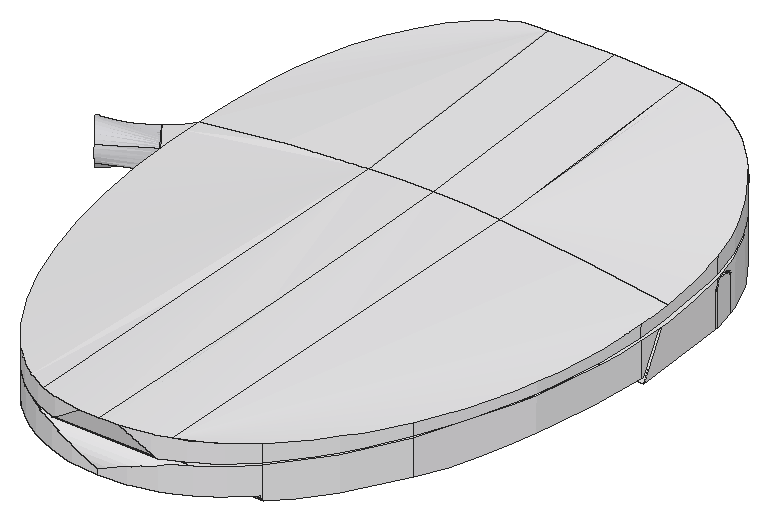
Revit family "Toilet_Seat-Elongated_Closed_Front-Cleansing-KOHLER-C3-035-K-28010K_1", category Plumbing Fixtures, host Face, Revit 2017
Family settings
  Host = Face
  Round Connector Dimension = Use Diameter
  Part Type = Normal
  OmniClass Number = 23.31.19.19.19
  OmniClass Title = Water Closet Tanks
  Cut with Voids When Loaded = No
  Shared = No
  Room Calculation Point = No
Parameters (values of type "0-White")
  Width = 14 1/2"  # constant formula
  WaterSense Certified = 1 = 0  # no
  Waste Connection = 1 = 0  # no
  Vent Connection = 1 = 0  # no
  URL = "https://www.kohlerasiapacific.com/"
  Type = 1
  Product Page URL = ""
  Product Name = "C3-035"  # constant formula
  Product Documentation Link = ""
  Pressure = 0.00 psi
  Model = "K-28010K-0"  # constant formula
  Material = "Plastic"  # constant formula
  Master Format 2014 Name = "Toilet, Bath, and Laundry Accessories"  # constant formula
  Master Format 2014 = "22 42 13.13"  # constant formula
  Manufacturer Address = "No. 158 Jiang Chang San Road, Zhabei District, Shanghai, China"  # constant formula
  Manufacturer = "KOHLER Co."  # constant formula
  Length = 19 15/16"  # constant formula
  Hot Water Inlet = "Hot Water Inlet"  # constant formula
  Height = 3 1/16"  # constant formula
  HW Connection = 1 = 0  # no
  Flow Rate = 0 GPM
  Finish = Kohler-Plastic-0-White
  Environmental Product Declaration = ""
  Description = "MANUAL BIDET SEAT"  # constant formula
  Default Elevation = 15"
  Declare Label = ""
  Date Modified = "12/31/2021"  # constant formula
  Date Created = "12/31/2021"  # constant formula
  Copyright = "Copyright KOHLER Co."  # constant formula
  Contact Us = "https://www.kohlerasiapacific.com/contact-us"
  Cold Water Inlet = "Cold Water Inlet"  # constant formula
  CW Connection = 1 = 1  # yes
  Assembly Code = "D2010100"
  ADA Compliant = 1 = 0  # no
Reference planes (in)
  plane 1 "Center (Front/Back)": y = 0
  plane 2: z = 0
  plane 3 "Center (Left/Right)": x = 0
  plane 4: y = -9.35236
  plane 5: y = 10.58514
  plane 6: x = -7.25
  plane 7: x = 7.25
  plane 8: x = -8.875
  plane 9: z = 3.0625
  plane 10: through (7.25475, 1.48599, 48) normal (-0.3746, -0.9272, 0)
  plane 11: through (-8.57898, 2.22175, 48) normal (-0.9272, 0.3746, 0)
  plane 12: z = 0.69644
  plane 13: y = 7.08901
  plane 14: x = -6.61278
  plane 15: x = -9.75787
  plane 16: x = -2.75
  plane 17: x = 2.75
  plane 18: y = 6.39567
  plane 19: y = 9.34843
  plane 20: y = 0.60827
Forms (in)
  Extrusion 1, void
    sketch origin (0, 0, 0) x (0, 1, 0) y (0, 0, 1)
      loop
        line (6.52264, 0) -> (4.6875, 0) -> (4.6875, -0.8125) -> (6.52264, -0.8125) -> (6.52264, 0)
    from -0.95363 to 0.89194
Dimensions and locks (in)
  "Length": plane 4 to nested 1
  "Height": level to plane 9
  "Width": plane 6 to plane 7
  plane 8 to plane 7 = 16 1/8"
  plane 15 to plane 7 = 17.00787"
  locked: plane 16 to plane 17 at 5.5
  locked: plane 18 to plane 4 at 15.74803
  locked: plane 19 to plane 4 at 18.70079
  plane 20 to plane 4 = 9.96063"
  aligned and locked: plane 2 to host face
  aligned and locked: level to host face
Automatic sketch dimensions
  host sketch curve to host sketch curve = 96"  (x2)
  Extrusion 1 sketch curve to level = 0"
  Extrusion 1 sketch curve to plane 18 = 1.70817"
  plane 18 to Extrusion 1 sketch curve = 0.12697"
  Extrusion 1 sketch curve to level = 13/16"
Nested families (in)
  nested 1: "K-28010K" at (0, 10.58514, 0), type "K-28010K"
Connectors (in)
  piping at (-6.61274, 7.0887, 0.69644), diameter 0.5, driven by "CW Connection", driven by "Cold Water Inlet", driven by "Flow Rate"
    settings: on nested 1, index 1, connector inside diameter 24", connector length 0", flow factor 0, pipe flow 0 GPM, pressure drop 0.00 psi, fitting loss kfactor 0, connector angle 0.00°, fixture units 0, engagement length 0", angle of deflection 0.00°, flow configuration 0, flow direction 1, fitting loss method 0, system type 20, joint type 0, gender type 0, connector reference index -1, connector utility 1, adjustable connector no, is connector primary yes, connector description "Cold Water Inlet"
Definition of nested family "K-28010K"
  Parameters (values of type "K-98804")
    Plastic Handle = yes
    Material = none
    CP Handle = yes
  Reference planes (in)
    plane 1 "Center (Front/Back)": y = 0
    plane 2: z = 0
    plane 3 "Center (Left/Right)": x = 0
    plane 4: z = 3.0625
    plane 5: y = -19.9375
    plane 6: x = -7.25
    plane 7: x = -8.875
    plane 8: x = 7.25
    plane 9 "hose": through (-6.90539, -3.37515, 48) normal (0.9272, -0.3746, 0)
    plane 10 "hose 1": through (-6.90539, -3.37515, 48) normal (0.3746, 0.9272, 0)
    plane 11: y = -1.23671
    plane 12: y = -9.9688
    plane 13: y = -4.18947
    plane 14 "A": through (-8.49595, -6.84941, 48) normal (0.7986, 0.6018, 0)
    plane 15: x = -9.75787
  Forms (in)
    Extrusion 1, solid, material <- "Material", detail levels medium+fine
      sketch origin (0, 0, 0) x (1, 0, 0) y (0, 1, 0)
        loop
          arc (-5.79389, -14.99319) -> (-4.88771, -16.69207) -> (-3.731, -18.23134) r 12.48022
          arc (-3.731, -18.23134) -> (-2.04743, -19.48227) -> (0, -19.9375) r 5.02798
          arc (0, -19.9375) -> (2.04743, -19.48227) -> (3.731, -18.23134) r 5.02798
          arc (3.731, -18.23134) -> (4.88771, -16.69207) -> (5.79389, -14.99319) r 12.48022
          arc (5.79389, -14.99319) -> (6.88207, -11.59136) -> (7.25, -8.03872) r 17.3356
          arc (7.25, -8.03872) -> (7.1668, -6.34672) -> (6.91802, -4.67105) r 17.24708
          arc (6.91802, -4.67105) -> (6.08385, -2.53235) -> (4.56565, -0.81045) r 6.579
          arc (4.56565, -0.81045) -> (3.95093, -0.40445) -> (3.27397, -0.11387) r 4.13855
          arc (3.27397, -0.11387) -> (2.92153, -0.02865) -> (2.56006, 0) r 2.29489
          line (2.56006, 0) -> (-2.76102, 0)
          arc (-2.76102, 0) -> (-2.85653, -0.00562) -> (-2.95072, -0.02241) r 0.81424
          arc (-2.95072, -0.02241) -> (-3.80147, -0.32772) -> (-4.56565, -0.81045) r 4.13855
          arc (-4.56565, -0.81045) -> (-6.08385, -2.53235) -> (-6.91802, -4.67105) r 6.579
          arc (-6.91802, -4.67105) -> (-7.1668, -6.34672) -> (-7.25, -8.03872) r 17.24708
          arc (-7.25, -8.03872) -> (-6.88207, -11.59136) -> (-5.79389, -14.99319) r 17.3356
      from 0 to 3.0625
    Sweep 2, void
      path origin (0, 0, 0) x (1, 0, 0) y (0, 0, 1)
        loop
          arc (-15.60328, 2.60526) -> (-12.05024, 2.0722) -> (-8.4639, 2.28746) r 17.23261
          arc (-8.4639, 2.28746) -> (-5.2738, 2.72995) -> (-2.0647, 3.00245) r 60.64245
          arc (-2.0647, 3.00245) -> (-1.03279, 3.04748) -> (0, 3.0625) r 35.52401
          arc (0, 3.0625) -> (1.03279, 3.04748) -> (2.0647, 3.00245) r 35.52401
          arc (2.0647, 3.00245) -> (5.2738, 2.72995) -> (8.4639, 2.28746) r 60.64245
          arc (8.4639, 2.28746) -> (12.05024, 2.0722) -> (15.60328, 2.60526) r 17.23261
      profile origin (0, 0, 3.0625) x (0, 0, -1) y (0, -1, 0)
        loop
          arc (0.73974, 6.95713) -> (1.08453, 13.44434) -> (1.28845, 19.9375) r 299.30496
          line (1.28845, 19.9375) -> (-2.5, 19.9375) -> (-2.5, 0) -> (0, 0)
          arc (0, 0) -> (0.4429, 3.4708) -> (0.73974, 6.95713) r 83.35618
    Extrusion 3, void
      sketch origin (0, 0, 0) x (0, 1, 0) y (0, 0, 1)
        loop
          line (-18.29047, 0.19685) -> (-19.9375, 0.19685) -> (-19.9375, 0.3811)
          arc (-19.9375, 0.3811) -> (-19.75488, 0.82727) -> (-19.31184, 1.01735) r 0.63634
          line (-19.31184, 1.01735) -> (-9.49904, 1.18204)
          arc (-9.49904, 1.18204) -> (-4.90457, 1.35542) -> (-0.32138, 1.72097) r 109.81346
          arc (-0.32138, 1.72097) -> (0.68732, 1.85769) -> (1.68433, 2.06303) r 14.88604
          line (1.68433, 2.06303) -> (1.76016, 2.13886)
          arc (1.76016, 2.13886) -> (0.69765, 1.87376) -> (-0.38863, 1.73526) r 9.30979
          arc (-0.38863, 1.73526) -> (-10.00827, 1.25081) -> (-19.63902, 1.10623) r 272.82702
          arc (-19.63902, 1.10623) -> (-19.66069, 1.11319) -> (-19.67435, 1.13139) r 0.03752
          line (-19.67435, 1.13139) -> (-19.9375, 1.88531) -> (-22.6875, 1.88531) -> (-22.6875, 0) -> (-18.29047, 0) -> (-18.29047, 0.19685)
      from -17.2144 to 12
    Extrusion 4, void
      sketch origin (0, 0, 0) x (0, 1, 0) y (0, 0, 1)
        loop
          arc (-0.32751, 2.59237) -> (-0.13773, 2.48901) -> (-0.05798, 2.28816) r 0.31768
          line (-0.05798, 2.28816) -> (0, 0.41339) -> (0.75, 0.41339) -> (0.75, 3.07568) -> (-0.39914, 2.78917) -> (-0.32751, 2.59237)
      from -9.6785 to 12
    Extrusion 5, void
      sketch origin (0, 0, 0) x (1, 0, 0) y (0, 0, 1)
        loop
          line (2.75991, 2.60474) -> (2.74502, 1.75188) -> (2.81496, 1.75188) -> (2.81496, 2.80323)
          arc (2.81496, 2.80323) -> (0, 2.86433) -> (-2.81496, 2.80323) r 64.87585
          line (-2.81496, 2.80323) -> (-2.81496, 1.75188) -> (-2.74502, 1.75188) -> (-2.75991, 2.60474) -> (2.75991, 2.60474)
      from -1.06051 to 0.43385
    Extrusion 6, void
      sketch origin (0, 0, 0) x (0, 1, 0) y (0, 0, 1)
        loop
          line (-7.93545, 0) -> (-7.26365, 1.21195) -> (-7.38963, 1.21195) -> (-7.96925, 0.16629) -> (-9.71925, 0.16629)
          arc (-9.71925, 0.16629) -> (-11.00818, 0.14562) -> (-12.29578, 0.08364) r 40.20116
          arc (-12.29578, 0.08364) -> (-15.24824, -0.01967) -> (-18.20171, 0.04928) r 50.66603
          line (-18.20171, 0.04928) -> (-18.34928, 0.19685) -> (-20.2313, 0.19685) -> (-20.2313, -6.30315) -> (4.2687, -6.30315) -> (4.2687, 0) -> (-7.93545, 0)
      from -13.86887 to 12
    Extrusion 7, solid, material <- "Material", detail levels medium+fine
      sketch origin (0, 0, 0) x (1, 0, 0) y (0, 1, 0)
        loop
          arc (-7.65072, -6.03284) -> (-8.05988, -6.45505) -> (-8.49595, -6.84941) r 8.92615
          line (-8.49595, -6.84941) -> (-7.76299, -7.82208)
          arc (-7.76299, -7.82208) -> (-7.62897, -7.74058) -> (-7.48149, -7.68716) r 0.79017
          arc (-7.48149, -7.68716) -> (-7.20425, -7.69764) -> (-6.97678, -7.85647) r 0.49189
          line (-6.97678, -7.85647) -> (-6.82567, -4.97295)
          arc (-6.82567, -4.97295) -> (-7.21823, -5.51844) -> (-7.65072, -6.03284) r 8.92615
      from 0 to 1.45961
    Extrusion 8, void
      sketch origin (-4.76407, 1.92481, 0) x (0.374607, 0.927184, 0) y (0, 0, 1)
        loop
          line (-5.69732, 1.21379) -> (-5.74829, 1.21379)
          arc (-5.74829, 1.21379) -> (-5.94169, 1.08142) -> (-6.15375, 0.98167) r 1.46141
          line (-6.15375, 0.98167) -> (-6.17912, 0.93946)
          arc (-6.17912, 0.93946) -> (-6.16186, 0.7012) -> (-6.17912, 0.46294) r 1.65396
          line (-6.17912, 0.46294) -> (-6.16051, 0.42938)
          arc (-6.16051, 0.42938) -> (-5.95595, 0.30456) -> (-5.74542, 0.19012) r 4.79853
          line (-5.74542, 0.19012) -> (-5.7002, 0.19012)
          arc (-5.7002, 0.19012) -> (-5.48966, 0.30456) -> (-5.2851, 0.42938) r 4.79853
          line (-5.2851, 0.42938) -> (-5.2665, 0.46294)
          arc (-5.2665, 0.46294) -> (-5.28375, 0.7012) -> (-5.2665, 0.93946) r 1.65396
          line (-5.2665, 0.93946) -> (-5.29186, 0.98167)
          arc (-5.29186, 0.98167) -> (-5.50393, 1.08142) -> (-5.69732, 1.21379) r 1.46141
        loop
          circle (-5.70001, 0.68575) r 0.82046
      from 0 to 1.06206
    Revolve 9, solid, material <- "Material", detail levels medium+fine
      sketch origin (0.04323, -0.02051, 0.69644) x (1, 0, 0) y (0, 1, 0)
        loop
          line (-7.0455, -3.72193) -> (-7.11312, -3.88929) -> (-6.18594, -4.26389) -> (-5.97821, -3.74976) -> (-6.30673, -3.61702) -> (-6.44684, -3.96381) -> (-7.0455, -3.72193)
        axis (-6.90539, -3.37515) -> (-5.97821, -3.74976)
      angle from 0 to 360
    Extrusion 10, solid, material <- "Material", detail levels medium+fine
      sketch origin (0, 0, 0) x (1, 0, 0) y (0, 1, 0)
        loop
          arc (-3.53696, -15.25762) -> (-3.5265, -15.23642) -> (-3.53112, -15.21323) r 0.03678
          line (-3.53112, -15.21323) -> (-3.6169, -15.06464)
          arc (-3.6169, -15.06464) -> (-3.64016, -15.04727) -> (-3.66878, -15.05219) r 0.03678
          line (-3.66878, -15.05219) -> (-4.73046, -15.74165)
          arc (-4.73046, -15.74165) -> (-4.74578, -15.76236) -> (-4.74376, -15.78804) r 0.03678
          line (-4.74376, -15.78804) -> (-4.55086, -16.20171)
          arc (-4.55086, -16.20171) -> (-4.52391, -16.22239) -> (-4.49152, -16.21218) r 0.03678
          line (-4.49152, -16.21218) -> (-3.53696, -15.25762)
        loop
          arc (5.1499, -9.49709) -> (5.13024, -9.51023) -> (5.12264, -9.53262) r 0.03678
          line (5.12264, -9.53262) -> (5.12264, -9.70418)
          arc (5.12264, -9.70418) -> (5.13411, -9.73086) -> (5.16135, -9.74091) r 0.03678
          line (5.16135, -9.74091) -> (6.42551, -9.67466)
          arc (6.42551, -9.67466) -> (6.44914, -9.66439) -> (6.46023, -9.64114) r 0.03678
          line (6.46023, -9.64114) -> (6.50001, -9.18643)
          arc (6.50001, -9.18643) -> (6.48701, -9.15505) -> (6.45385, -9.1477) r 0.03678
          line (6.45385, -9.1477) -> (5.1499, -9.49709)
        loop
          line (3.50729, -15.28729) -> (4.46185, -16.24185)
          arc (4.46185, -16.24185) -> (4.5312, -16.26371) -> (4.58889, -16.21945) r 0.07874
          line (4.58889, -16.21945) -> (4.78179, -15.80577)
          arc (4.78179, -15.80577) -> (4.78611, -15.75079) -> (4.75331, -15.70646) r 0.07874
          line (4.75331, -15.70646) -> (3.69164, -15.017)
          arc (3.69164, -15.017) -> (3.63037, -15.00647) -> (3.58056, -15.04366) r 0.07874
          line (3.58056, -15.04366) -> (3.49478, -15.19224)
          arc (3.49478, -15.19224) -> (3.4849, -15.24189) -> (3.50729, -15.28729) r 0.07874
        loop
          arc (-5.16353, -9.78282) -> (-5.10522, -9.7613) -> (-5.08068, -9.7042) r 0.07872
          line (-5.08068, -9.7042) -> (-5.08068, -9.5326)
          arc (-5.08068, -9.5326) -> (-5.09695, -9.48468) -> (-5.13903, -9.45656) r 0.07873
          line (-5.13903, -9.45656) -> (-6.44302, -9.10716)
          arc (-6.44302, -9.10716) -> (-6.51399, -9.12289) -> (-6.54181, -9.19006) r 0.07872
          line (-6.54181, -9.19006) -> (-6.50203, -9.64481)
          arc (-6.50203, -9.64481) -> (-6.47829, -9.69458) -> (-6.42772, -9.71656) r 0.07872
          line (-6.42772, -9.71656) -> (-5.16353, -9.78282)
      from 0 to 0.83088
    Extrusion 11, solid, material <- "Material"
      sketch origin (0, 0, 0) x (0, 1, 0) y (0, 0, 1)
        loop
          line (-5.81433, 0) -> (-5.78849, -0.21014)
          arc (-5.78849, -0.21014) -> (-5.77184, -0.28076) -> (-5.74032, -0.34612) r 0.33343
          line (-5.74032, -0.34612) -> (-5.47246, -0.77478) -> (-4.34743, -0.07179)
          arc (-4.34743, -0.07179) -> (-4.22729, -0.0183) -> (-4.09707, 0) r 0.47244
          line (-4.09707, 0) -> (-5.81433, 0)
      from -0.78869 to 0.74751
    Extrusion 12, solid, material <- "Material", detail levels coarse
      sketch origin (0, 0, 0) x (1, 0, 0) y (0, 1, 0)
        loop
          arc (6.92008, -4.68143) -> (6.08387, -2.53239) -> (4.55744, -0.80392) r 6.579
          arc (4.55744, -0.80392) -> (3.75136, -0.3037) -> (2.85262, 0) r 4.14128
          line (2.85262, 0) -> (-2.85262, 0)
          arc (-2.85262, 0) -> (-3.75136, -0.3037) -> (-4.55741, -0.80395) r 4.14128
          arc (-4.55741, -0.80395) -> (-5.72109, -1.99794) -> (-6.54722, -3.44613) r 6.579
          arc (-6.54722, -3.44613) -> (-7.05454, -5.58108) -> (-7.24787, -7.76695) r 15.1388
          arc (-7.24787, -7.76695) -> (-6.9094, -11.45824) -> (-5.79389, -14.99319) r 17.3356
          arc (-5.79389, -14.99319) -> (-4.90303, -16.66797) -> (-3.76864, -18.18837) r 12.48022
          arc (-3.76864, -18.18837) -> (0, -19.90244) -> (3.76864, -18.18837) r 5
          arc (3.76864, -18.18837) -> (4.90303, -16.66797) -> (5.79389, -14.99319) r 12.48022
          arc (5.79389, -14.99319) -> (7.14724, -9.92349) -> (6.92008, -4.68143) r 17.3356
      from 0 to 3.0625
    Extrusion 13, solid, material <- "Material", detail levels coarse
      sketch origin (-4.76407, 1.92481, 0) x (0.374607, 0.927184, 0) y (0, 0, 1)
        loop
          circle (-5.71902, 0.69644) r 0.5
      from 0 to 1.08529
    Extrusion 14, void
      sketch origin (-1.67357, 9.57408, 1.5) x (0.374607, 0.927184, 0) y (0, 0, 1)
        loop
          line (-10.10576, -1.64924) -> (-10.05107, -1.64924) -> (-10.05107, -0.51326)
          arc (-10.05107, -0.51326) -> (-9.73076, -0.19295) -> (-9.41045, -0.51326) r 0.32031
          line (-9.41045, -0.51326) -> (-9.41045, -1.64924) -> (-9.35576, -1.64924) -> (-9.35576, -0.51326)
          arc (-9.35576, -0.51326) -> (-9.73076, -0.13826) -> (-10.10576, -0.51326) r 0.375
          line (-10.10576, -0.51326) -> (-10.10576, -1.64924)
      from 12 to 25.89752
    Extrusion 15, solid, material <- "Material", visible <- "Plastic Handle"
      sketch origin (0, 0, 0) x (1, 0, 0) y (0, 1, 0)
        loop
          line (-8.80457, -7.51551) -> (-8.40823, -8.01235)
          arc (-8.40823, -8.01235) -> (-8.24873, -8.10192) -> (-8.07195, -8.05489) r 0.24306
          line (-8.07195, -8.05489) -> (-7.76299, -7.82208) -> (-8.4959, -6.84948) -> (-8.76008, -7.07106)
          arc (-8.76008, -7.07106) -> (-8.87278, -7.28423) -> (-8.80457, -7.51551) r 0.31979
      from 0.6351 to 1.14961
    Extrusion 16, void
      sketch origin (0, 0, 0) x (1, 0, 0) y (0, 0, 1)
        loop
          arc (-8.4959, 1.14961) -> (-7.35337, 1.25381) -> (-6.24854, 1.56299) r 6.31555
          line (-6.24854, 1.56299) -> (-8.68545, 1.56299) -> (-8.68545, 1.14961) -> (-8.4959, 1.14961)
        loop
          line (-8.68545, 0.6351) -> (-8.68545, -0.07351) -> (-7.21463, -0.07351)
          arc (-7.21463, -0.07351) -> (-7.34757, 0.28126) -> (-7.65669, 0.50029) r 0.64538
          arc (-7.65669, 0.50029) -> (-8.07091, 0.60119) -> (-8.4959, 0.6351) r 2.67944
          line (-8.4959, 0.6351) -> (-8.68545, 0.6351)
      from 4.2911 to 10.30407
    Extrusion 17, solid, material <- "Material", detail levels coarse
      sketch origin (0, 0, 0) x (1, 0, 0) y (0, 1, 0)
        loop
          arc (-7.12231, -5.39294) -> (-7.37907, -5.71904) -> (-7.65072, -6.03284) r 8.92615
          arc (-7.65072, -6.03284) -> (-8.05988, -6.45505) -> (-8.49595, -6.84941) r 8.92615
          line (-8.49595, -6.84941) -> (-7.76299, -7.82208)
          arc (-7.76299, -7.82208) -> (-7.62897, -7.74058) -> (-7.48149, -7.68716) r 0.79017
          arc (-7.48149, -7.68716) -> (-7.40934, -7.67451) -> (-7.33611, -7.67272) r 0.49189
          arc (-7.33611, -7.67272) -> (-7.27294, -7.702) -> (-7.24787, -7.76695) r 0.09289
          arc (-7.24787, -7.76695) -> (-7.16391, -6.3946) -> (-6.95579, -5.03553) r 15.1388
          arc (-6.95579, -5.03553) -> (-7.02042, -5.22291) -> (-7.12231, -5.39294) r 0.95581
      from 0.6351 to 1.14961
    Blend 18, solid, visible <- "CP Handle"
      base sketch origin (-8.71091, -6.56414, 0) x (-0.601815, 0.798636, 0) y (0, 0, 1)
        loop
          line (-0.3572, 0.6351) -> (-0.3572, 1.14961)
          arc (-0.3572, 1.14961) -> (-0.96653, 1.16026) -> (-1.57511, 1.19228) r 17.37185
          line (-1.57511, 1.19228) -> (-1.57511, 0.53292)
          arc (-1.57511, 0.53292) -> (-0.96831, 0.60975) -> (-0.3572, 0.6351) r 7.24139
      top sketch origin (-8.71091, -6.56414, 0) x (-0.601815, 0.798636, 0) y (0, 0, 1)
        loop
          arc (-0.39622, 1.25772) -> (-0.98824, 1.67246) -> (-1.58027, 1.25772) r 0.62992
          arc (-1.58027, 1.25772) -> (-1.61552, 0.98485) -> (-1.5311, 0.72299) r 0.62992
          arc (-1.5311, 0.72299) -> (-0.98824, 0.41261) -> (-0.44539, 0.72299) r 0.62992
          arc (-0.44539, 0.72299) -> (-0.36097, 0.98485) -> (-0.39622, 1.25772) r 0.62992
      from 0 to -1.58354
  Cuts and joins
    Sweep 2, Extrusion 3, Extrusion 4, Extrusion 5, Extrusion 6, Extrusion 14 cuts Extrusion 1
    Extrusion 8 cuts Revolve 9
    joined: Extrusion 1, Revolve 9, Extrusion 10
    joined: Extrusion 12, Extrusion 13, Extrusion 17
    Extrusion 16 cuts Extrusion 7
  Lines and regions (in)
    Masking region 1
      outline origin (0, 0, 0) x (1, 0, 0) y (0, 1, 0)
        loop
          arc (-7.2464, -7.68556) -> (-6.91738, -11.41833) -> (-5.79389, -14.99319) r 17.3356
          arc (-5.79389, -14.99319) -> (-4.88771, -16.69207) -> (-3.731, -18.23134) r 12.48022
          arc (-3.731, -18.23134) -> (-2.04743, -19.48227) -> (0, -19.9375) r 5.02798
          arc (0, -19.9375) -> (2.04743, -19.48227) -> (3.731, -18.23134) r 5.02798
          arc (3.731, -18.23134) -> (4.88771, -16.69207) -> (5.79389, -14.99319) r 12.48022
          arc (5.79389, -14.99319) -> (7.14724, -9.92349) -> (6.92173, -4.6811) r 17.3356
          arc (6.92173, -4.6811) -> (6.08387, -2.53239) -> (4.55744, -0.80392) r 6.579
          spline (4.55744, -0.80392) -> (4.43195, -0.70819) -> (4.3028, -0.61727) -> (4.17016, -0.53133) -> (4.03422, -0.45049) -> (3.89518, -0.37487) -> (3.75324, -0.30458) -> (3.6086, -0.23973) -> (3.46149, -0.1804) -> (3.31212, -0.12669) -> (3.1607, -0.07868) -> (3.00746, -0.03642) -> (2.85262, 0)
          line (2.85262, 0) -> (-2.85262, 0)
          spline (-2.85262, 0) -> (-3.00746, -0.03642) -> (-3.1607, -0.07868) -> (-3.31212, -0.12669) -> (-3.46149, -0.1804) -> (-3.6086, -0.23973) -> (-3.75324, -0.30458) -> (-3.89518, -0.37487) -> (-4.03422, -0.45049) -> (-4.17016, -0.53133) -> (-4.3028, -0.61727) -> (-4.43195, -0.70819) -> (-4.55741, -0.80395)
          arc (-4.55741, -0.80395) -> (-5.59694, -1.83825) -> (-6.38151, -3.07715) r 6.579
          line (-6.38151, -3.07715) -> (-6.69264, -2.9761) -> (-7.03452, -3.82226) -> (-6.72292, -3.92346)
          arc (-6.72292, -3.92346) -> (-6.89726, -4.57087) -> (-7.00481, -5.23267) r 6.579
          arc (-7.00481, -5.23267) -> (-7.31623, -5.64207) -> (-7.65072, -6.03284) r 8.92615
          arc (-7.65072, -6.03284) -> (-8.05988, -6.45505) -> (-8.49595, -6.84941) r 8.92615
          line (-8.49595, -6.84941) -> (-7.76299, -7.82208)
          arc (-7.76299, -7.82208) -> (-7.62897, -7.74058) -> (-7.48149, -7.68716) r 0.79017
          arc (-7.48149, -7.68716) -> (-7.36404, -7.67211) -> (-7.2464, -7.68556) r 0.49189
    Masking region 2
      outline origin (0, 0, 0) x (0, 1, 0) y (0, 0, 1)
        loop
          line (0, 2.88868) -> (0, 3.0625)
          arc (0, 3.0625) -> (-9.92998, 2.16458) -> (-19.89266, 1.76981) r 197.16148
          arc (-19.89266, 1.76981) -> (-19.91767, 1.7561) -> (-19.9204, 1.72771) r 0.03047
          line (-19.9204, 1.72771) -> (-19.67384, 1.13015)
          arc (-19.67384, 1.13015) -> (-19.65964, 1.11279) -> (-19.63819, 1.10623) r 0.03868
          arc (-19.63819, 1.10623) -> (-10.11363, 1.24739) -> (-0.59981, 1.72097) r 272.82702
          line (-0.59981, 1.72097) -> (-0.32138, 1.72097)
          arc (-0.32138, 1.72097) -> (-4.90457, 1.35542) -> (-9.49904, 1.18204) r 109.81346
          line (-9.49904, 1.18204) -> (-19.31184, 1.01735)
          arc (-19.31184, 1.01735) -> (-19.75488, 0.82727) -> (-19.9375, 0.3811) r 0.63634
          line (-19.9375, 0.3811) -> (-19.9375, 0.19685) -> (-18.29047, 0.19685) -> (-18.29047, 0.13804) -> (-18.20171, 0.04928) -> (-16.98509, 0) -> (-14.10094, 0)
          arc (-14.10094, 0) -> (-13.19799, 0.03377) -> (-12.29578, 0.08364) r 50.66603
          arc (-12.29578, 0.08364) -> (-11.03994, 0.14459) -> (-9.78282, 0.16624) r 40.20116
          line (-9.78282, 0.16624) -> (-9.78282, 0) -> (-9.10716, 0) -> (-9.10716, 0.16629) -> (-7.96925, 0.16629) -> (-7.70938, 0.6351) -> (-7.5834, 0.6351) -> (-7.93545, 0) -> (-5.81433, 0) -> (-5.78849, -0.21014)
          arc (-5.78849, -0.21014) -> (-5.77184, -0.28076) -> (-5.74032, -0.34612) r 0.33343
          line (-5.74032, -0.34612) -> (-5.47246, -0.77478) -> (-4.34743, -0.07179)
          arc (-4.34743, -0.07179) -> (-4.22729, -0.0183) -> (-4.09707, 0) r 0.47244
          line (-4.09707, 0) -> (0, 0) -> (0, 0.41339) -> (-0.05798, 2.28816)
          arc (-0.05798, 2.28816) -> (-0.13773, 2.48901) -> (-0.32751, 2.59237) r 0.31768
          line (-0.32751, 2.59237) -> (-0.39914, 2.78917) -> (0, 2.88868)
    Masking region 3
      outline origin (0, 0, 0) x (1, 0, 0) y (0, 0, 1)
        loop
          spline (-6.91802, 1.95622) -> (-6.96935, 1.92449) -> (-7.01642, 1.89417) -> (-7.0592, 1.86526) -> (-7.09769, 1.83777) -> (-7.13188, 1.81172) -> (-7.16175, 1.7871) -> (-7.18729, 1.76392) -> (-7.20851, 1.7422) -> (-7.22539, 1.72193) -> (-7.23794, 1.70312) -> (-7.24613, 1.68578) -> (-7.24999, 1.66992)
          line (-7.24999, 1.66992) -> (-7.24999, 1.3223)
          spline (-7.24999, 1.3223) -> (-7.24975, 1.31867) -> (-7.24904, 1.31507) -> (-7.24784, 1.31151) -> (-7.24617, 1.30797) -> (-7.24402, 1.30446) -> (-7.24139, 1.30098) -> (-7.23828, 1.29754) -> (-7.2347, 1.29412) -> (-7.23063, 1.29073) -> (-7.22609, 1.28737) -> (-7.22106, 1.28404) -> (-7.21556, 1.28075)
          arc (-7.21556, 1.28075) -> (-7.8524, 1.18247) -> (-8.49595, 1.14961) r 6.31555
          line (-8.49595, 1.14961) -> (-8.49595, 0.6351)
          arc (-8.49595, 0.6351) -> (-8.07094, 0.60119) -> (-7.65669, 0.50029) r 2.67944
          arc (-7.65669, 0.50029) -> (-7.40697, 0.34819) -> (-7.25, 0.10151) r 0.64538
          line (-7.25, 0.10151) -> (-7.25, 0) -> (-0.78869, 0) -> (-0.78869, -0.57793)
          arc (-0.78869, -0.57793) -> (-0.73104, -0.71713) -> (-0.59184, -0.77478) r 0.19685
          line (-0.59184, -0.77478) -> (0.59184, -0.77478)
          arc (0.59184, -0.77478) -> (0.73104, -0.71713) -> (0.78869, -0.57793) r 0.19685
          line (0.78869, -0.57793) -> (0.78869, 0) -> (6.54211, 0) -> (6.54211, 0.04629)
          spline (6.54211, 0.04629) -> (6.55783, 0.04908) -> (6.57337, 0.05193) -> (6.58873, 0.05484) -> (6.60392, 0.0578) -> (6.61894, 0.06083) -> (6.63379, 0.06391) -> (6.64845, 0.06705) -> (6.66295, 0.07025) -> (6.67727, 0.07351) -> (6.69141, 0.07683) -> (6.70538, 0.08021) -> (6.71917, 0.08364)
          spline (6.71917, 0.08364) -> (6.77138, 0.09673) -> (6.82092, 0.1087) -> (6.8678, 0.11954) -> (6.91199, 0.12926) -> (6.95351, 0.13785) -> (6.99233, 0.14531) -> (7.02845, 0.15164) -> (7.06187, 0.15683) -> (7.09257, 0.1609) -> (7.12056, 0.16383) -> (7.14582, 0.16563) -> (7.16835, 0.16629)
          line (7.16835, 0.16629) -> (7.25, 0.16629) -> (7.24638, 1.14961) -> (7.24638, 1.22747)
          spline (7.24638, 1.22747) -> (7.24431, 1.23051) -> (7.24177, 1.23361) -> (7.23875, 1.23679) -> (7.23528, 1.24004) -> (7.23133, 1.24337) -> (7.22691, 1.24676) -> (7.22203, 1.25023) -> (7.21668, 1.25377) -> (7.21087, 1.25738) -> (7.20458, 1.26106) -> (7.19783, 1.26481) -> (7.19062, 1.26863)
          spline (7.19062, 1.26863) -> (7.2001, 1.27282) -> (7.20876, 1.27705) -> (7.2166, 1.28135) -> (7.22361, 1.28569) -> (7.2298, 1.29008) -> (7.23516, 1.29453) -> (7.23969, 1.29903) -> (7.2434, 1.30358) -> (7.24629, 1.30818) -> (7.24835, 1.31284) -> (7.24958, 1.31754) -> (7.24999, 1.3223)
          line (7.24999, 1.3223) -> (7.24999, 1.66992)
          spline (7.24999, 1.66992) -> (7.24613, 1.68578) -> (7.23794, 1.70312) -> (7.22539, 1.72193) -> (7.20851, 1.7422) -> (7.18729, 1.76392) -> (7.16175, 1.7871) -> (7.13188, 1.81172) -> (7.09769, 1.83777) -> (7.0592, 1.86526) -> (7.01642, 1.89417) -> (6.96935, 1.92449) -> (6.91802, 1.95622)
          spline (6.91802, 1.95622) -> (6.83144, 2.00444) -> (6.72307, 2.05631) -> (6.5934, 2.11152) -> (6.44291, 2.16981) -> (6.27211, 2.23085) -> (6.08167, 2.29409) -> (5.87226, 2.35899) -> (5.64456, 2.42497) -> (5.39927, 2.49142) -> (5.13715, 2.55762) -> (4.859, 2.62297) -> (4.56577, 2.68755)
          spline (4.56577, 2.68755) -> (4.45997, 2.70974) -> (4.35151, 2.73145) -> (4.24048, 2.75269) -> (4.12701, 2.77341) -> (4.01122, 2.7936) -> (3.89323, 2.81324) -> (3.77317, 2.83231) -> (3.65115, 2.85079) -> (3.52731, 2.86865) -> (3.40178, 2.88589) -> (3.27468, 2.90247) -> (3.14616, 2.91839)
          spline (3.14616, 2.91839) -> (3.09709, 2.92393) -> (3.04774, 2.92929) -> (2.99813, 2.93447) -> (2.94829, 2.93947) -> (2.89825, 2.94428) -> (2.84802, 2.94891) -> (2.79763, 2.95335) -> (2.74711, 2.9576) -> (2.69649, 2.96165) -> (2.64578, 2.96551) -> (2.59502, 2.96917) -> (2.54422, 2.97262)
          arc (2.54422, 2.97262) -> (2.30449, 2.98801) -> (2.0647, 3.00245) r 60.64245
          arc (2.0647, 3.00245) -> (1.03278, 3.04748) -> (-0.00001, 3.0625) r 35.52401
          arc (-0.00001, 3.0625) -> (-1.03279, 3.04748) -> (-2.0647, 3.00245) r 35.52401
          arc (-2.0647, 3.00245) -> (-2.30449, 2.98801) -> (-2.54422, 2.97263) r 60.64245
          spline (-2.54422, 2.97263) -> (-2.59502, 2.96917) -> (-2.64578, 2.96551) -> (-2.69649, 2.96165) -> (-2.74711, 2.9576) -> (-2.79763, 2.95335) -> (-2.84802, 2.94891) -> (-2.89825, 2.94428) -> (-2.94829, 2.93947) -> (-2.99813, 2.93447) -> (-3.04774, 2.92929) -> (-3.09709, 2.92393) -> (-3.14616, 2.91839)
          spline (-3.14616, 2.91839) -> (-3.27468, 2.90247) -> (-3.40178, 2.88589) -> (-3.52731, 2.86865) -> (-3.65115, 2.85079) -> (-3.77317, 2.83231) -> (-3.89323, 2.81324) -> (-4.01122, 2.7936) -> (-4.12701, 2.77341) -> (-4.24048, 2.75269) -> (-4.35151, 2.73145) -> (-4.45997, 2.70974) -> (-4.56577, 2.68755)
          spline (-4.56577, 2.68755) -> (-4.859, 2.62297) -> (-5.13715, 2.55762) -> (-5.39927, 2.49142) -> (-5.64456, 2.42497) -> (-5.87226, 2.35899) -> (-6.08167, 2.29409) -> (-6.27211, 2.23085) -> (-6.44291, 2.16981) -> (-6.5934, 2.11152) -> (-6.72307, 2.05631) -> (-6.83144, 2.00444) -> (-6.91802, 1.95622)
    Masking region 4, visible <- "Plastic Handle", detail levels medium+fine
      outline origin (0, 0, 0) x (0, 1, 0) y (0, 0, 1)
        loop
          line (-8.10384, 0.6351) -> (-6.84948, 0.6351) -> (-6.84948, 1.14961) -> (-8.10384, 1.14961) -> (-8.10384, 0.6351)
    Masking region 5, visible <- "CP Handle", detail levels medium+fine
      outline origin (0, 0, 0) x (0, 1, 0) y (0, 0, 1)
        loop
          arc (-8.23926, 0.42063) -> (-7.5468, 0.54383) -> (-6.84941, 0.6351) r 15.3133
          line (-6.84941, 0.6351) -> (-6.84941, 1.14961)
          arc (-6.84941, 1.14961) -> (-7.10568, 1.19733) -> (-7.35491, 1.2737) r 2.30336
          arc (-7.35491, 1.2737) -> (-7.74316, 1.43326) -> (-8.11892, 1.62035) r 5.83142
          spline (-8.11892, 1.62035) -> (-8.26886, 1.66929) -> (-8.42359, 1.65876) -> (-8.56842, 1.58978) -> (-8.68961, 1.46888) -> (-8.77567, 1.30753) -> (-8.81842, 1.12104) -> (-8.81383, 0.9271) -> (-8.76231, 0.74411) -> (-8.66876, 0.58944) -> (-8.54205, 0.47775) -> (-8.39421, 0.41964) -> (-8.23926, 0.42063)
    Masking region 6, visible <- "Plastic Handle"
      outline origin (0, 0, 0) x (1, 0, 0) y (0, 1, 0)
        loop
          arc (-8.40823, -8.01235) -> (-8.24873, -8.10192) -> (-8.07195, -8.05489) r 0.24306
          line (-8.07195, -8.05489) -> (-7.76299, -7.82208) -> (-8.4959, -6.84948) -> (-8.76008, -7.07106)
          arc (-8.76008, -7.07106) -> (-8.87278, -7.28423) -> (-8.80457, -7.51551) r 0.31979
          line (-8.80457, -7.51551) -> (-8.40823, -8.01235)
    Masking region 7, visible <- "CP Handle"
      outline origin (0, 0, 0) x (1, 0, 0) y (0, 1, 0)
        loop
          line (-7.76299, -7.82208) -> (-8.49595, -6.84941) -> (-9.76062, -7.80241) -> (-9.00175, -8.80947) -> (-7.76299, -7.82208)
    Masking region 8, visible <- "Plastic Handle"
      outline origin (0, 0, 0) x (1, 0, 0) y (0, 0, 1)
        loop
          line (-7.76299, 1.14961) -> (-8.875, 1.14961) -> (-8.875, 0.6351) -> (-7.76299, 0.6351) -> (-7.76299, 1.14961)
    Masking region 9, visible <- "CP Handle"
      outline origin (0, 0, 0) x (1, 0, 0) y (0, 0, 1)
        loop
          spline (-9.2872, 1.65293) -> (-9.39914, 1.67172) -> (-9.50948, 1.63509) -> (-9.60848, 1.54625) -> (-9.68743, 1.41304) -> (-9.73938, 1.24719) -> (-9.75974, 1.06332) -> (-9.74672, 0.87761) -> (-9.70147, 0.70643) -> (-9.62798, 0.56486) -> (-9.53271, 0.46537) -> (-9.42407, 0.41672) -> (-9.31162, 0.4232)
          arc (-9.31162, 0.4232) -> (-8.54361, 0.56696) -> (-7.76299, 0.53292) r 3.42544
          line (-7.76299, 0.53292) -> (-7.76299, 1.19228)
          arc (-7.76299, 1.19228) -> (-8.19387, 1.27352) -> (-8.61499, 1.39568) r 4.57086
          arc (-8.61499, 1.39568) -> (-8.95336, 1.51839) -> (-9.2872, 1.65293) r 10.22771
    symbolic lines, detail levels medium+fine
      curve 1: arc (-7.02475, -5.26041, 0) -> (-7.17843, -6.46907, 0) -> (-7.24638, -7.68557, 0) r 17.24708
      curve 2: arc (-6.38151, -3.07715, 0) -> (-6.56771, -3.49637, 0) -> (-6.72425, -3.92755, 0) r 6.579
      curve 3: arc (-4.24647, -1.19545, 0) -> (-4.85981, -1.755, 0) -> (-5.39119, -2.3929, 0) r 6.079
      curve 4: arc (-2.74786, -0.4889, 0) -> (-3.5381, -0.75593, 0) -> (-4.24683, -1.19579, 0) r 3.64128
      curve 5: arc (4.24683, -1.19579, 0) -> (3.5381, -0.75593, 0) -> (2.74786, -0.4889, 0) r 3.64128
      curve 6: arc (5.90119, -3.23369, 0) -> (5.18518, -2.12417, 0) -> (4.24647, -1.19545, 0) r 6.079
      curve 7: line (2.85262, -0.5, 0) -> (-2.85262, -0.5, 0)
      curve 8: arc (-6.53344, -3.985, 0) -> (-6.70251, -4.61281, 0) -> (-6.8068, -5.25457, 0) r 6.37979
      curve 9: arc (-6.82813, -5.2925, 0) -> (-6.99503, -6.6611, 0) -> (-7.05078, -8.03872, 0) r 17.04786
      curve 10: arc (-7.05078, -8.03872, 0) -> (-6.68708, -11.55053, 0) -> (-5.61141, -14.91327, 0) r 17.13638
      curve 11: arc (-5.61141, -14.91327, 0) -> (-4.71969, -16.58503, 0) -> (-3.58144, -18.09974, 0) r 12.281
      curve 12: arc (-3.58144, -18.09974, 0) -> (-1.96537, -19.30074, 0) -> (0, -19.73827, 0) r 4.82876
      curve 13: arc (0, -19.73827, 0) -> (1.96537, -19.30074, 0) -> (3.58144, -18.09974, 0) r 4.82876
      curve 14: arc (3.58144, -18.09974, 0) -> (4.71969, -16.58503, 0) -> (5.61141, -14.91327, 0) r 12.281
      curve 15: arc (5.61141, -14.91327, 0) -> (6.9492, -9.90183, 0) -> (6.72629, -4.71968, 0) r 17.13638
      curve 16: arc (6.72629, -4.71968, 0) -> (6.43058, -3.91181, 0) -> (5.90119, -3.23369, 0) r 2.76902
      curve 17: arc (-5.39119, -2.3929, 0) -> (-6.08602, -3.1002, 0) -> (-6.53344, -3.985, 0) r 3.22864
      curve 19: line (0, -4.03215, 0) -> (0, -5.81433, 0)
      curve 20: line (0, -6.84948, 1.14961) -> (0, -5.26041, 1.14961)
      curve 22: arc (0, -5.26041, 0.6351) -> (0, -4.66369, 0.46314) -> (0, -4.25, 0) r 1.1213
      curve 23: arc (0, -5.26041, 1.14961) -> (0, -4.62908, 1.21557) -> (0, -4.02503, 1.41061) r 3.05413
      curve 24: spline (0, -3.39566, 0.32243) -> (0, -3.48542, 0.33517) -> (0, -3.56905, 0.37253) -> (0, -3.64088, 0.43197) -> (0, -3.69599, 0.50943) -> (0, -3.73063, 0.59964) -> (0, -3.74245, 0.69644) -> (0, -3.73063, 0.79324) -> (0, -3.69599, 0.88345) -> (0, -3.64088, 0.96091) -> (0, -3.56905, 1.02035) -> (0, -3.48542, 1.05771) -> (0, -3.39566, 1.07046) -> (0, -3.30591, 1.05771) -> (0, -3.22227, 1.02035) -> (0, -3.15045, 0.96091) -> (0, -3.09534, 0.88345) -> (0, -3.0607, 0.79324) -> (0, -3.04888, 0.69644) -> (0, -3.0607, 0.59964) -> (0, -3.09534, 0.50943) -> (0, -3.15045, 0.43197) -> (0, -3.22227, 0.37253) -> (0, -3.30591, 0.33517) -> (0, -3.39566, 0.32243)
      curve 25: line (0, -4.02503, 1.41061) -> (0, -4.25, 0)
      curve 26: line (0, -9.10716, 0.16629) -> (0, -9.78292, 0.16624)
      curve 27: line (0, -4.67105, 1.95622) -> (0, -0.81051, 2.68758)
      curve 28: spline (0, -7.01656, 1.72921) -> (0, -6.81939, 1.74403) -> (0, -6.62243, 1.75961) -> (0, -6.42573, 1.77593) -> (0, -6.22929, 1.793) -> (0, -6.03316, 1.81082) -> (0, -5.83736, 1.82938) -> (0, -5.64191, 1.84869) -> (0, -5.44686, 1.86873) -> (0, -5.25221, 1.88951) -> (0, -5.05801, 1.91102) -> (0, -4.86429, 1.93326) -> (0, -4.67105, 1.95622)
      curve 29: spline (0, -15.00076, 1.51528) -> (0, -14.45012, 1.50754) -> (0, -13.89183, 1.50341) -> (0, -13.32657, 1.50292) -> (0, -12.75503, 1.50605) -> (0, -12.17791, 1.51281) -> (0, -11.59592, 1.52319) -> (0, -11.00978, 1.53717) -> (0, -10.42021, 1.55474) -> (0, -9.82792, 1.57588) -> (0, -9.23364, 1.60055) -> (0, -8.63811, 1.62874) -> (0, -8.04204, 1.6604)
      curve 30: spline (0, -18.2322, 1.62921) -> (0, -17.98892, 1.61677) -> (0, -17.74034, 1.60484) -> (0, -17.48662, 1.59343) -> (0, -17.22793, 1.58254) -> (0, -16.96445, 1.5722) -> (0, -16.69634, 1.56239) -> (0, -16.42378, 1.55314) -> (0, -16.14696, 1.54443) -> (0, -15.86607, 1.53629) -> (0, -15.58127, 1.52872) -> (0, -15.29277, 1.52171) -> (0, -15.00076, 1.51528)
      curve 31: spline (0, -19.82057, 1.77085) -> (0, -19.75691, 1.75896) -> (0, -19.67979, 1.74698) -> (0, -19.5894, 1.73493) -> (0, -19.48601, 1.72286) -> (0, -19.3699, 1.71079) -> (0, -19.24139, 1.69875) -> (0, -19.10083, 1.68679) -> (0, -18.94863, 1.67494) -> (0, -18.7852, 1.66322) -> (0, -18.61099, 1.65167) -> (0, -18.42649, 1.64032) -> (0, -18.2322, 1.62921)
      curve 32: spline (0, -8.04204, 1.6604) -> (0, -7.9565, 1.66566) -> (0, -7.87097, 1.67101) -> (0, -7.78545, 1.67645) -> (0, -7.69995, 1.68197) -> (0, -7.61445, 1.68758) -> (0, -7.52897, 1.69328) -> (0, -7.44351, 1.69906) -> (0, -7.35807, 1.70492) -> (0, -7.27265, 1.71087) -> (0, -7.18726, 1.7169) -> (0, -7.1019, 1.72302) -> (0, -7.01656, 1.72923)
      curve 33: spline (0, -0.81051, 2.68758) -> (0, -0.71391, 2.71387) -> (0, -0.6222, 2.73949) -> (0, -0.53551, 2.76442) -> (0, -0.45398, 2.78861) -> (0, -0.37772, 2.81204) -> (0, -0.30684, 2.83465) -> (0, -0.24146, 2.85643) -> (0, -0.18166, 2.87734) -> (0, -0.12754, 2.89735) -> (0, -0.07918, 2.91643) -> (0, -0.03664, 2.93454) -> (0, 0, 2.95168)
      curve 34: line (0, -0.32758, 2.59217) -> (0, -0.26594, 2.00573)
      curve 35: arc (0, -0.26594, 2.00573) -> (0, -0.31094, 1.82758) -> (0, -0.4606, 1.72097) r 0.26635
      curve 36: line (0, -0.32138, 1.72097) -> (0, -0.18132, 1.73576)
      curve 37: line (0, -0.18132, 1.73576) -> (0, -0.27088, 2.58357)
      curve 38: line (0, 0, 0.41339) -> (0, -0.42802, 0.41339)
      curve 39: line (0, -0.42802, 0.41339) -> (0, -0.42802, 0)
      curve 40: spline (0, -3.80627, 0.69644) -> (0, -3.80633, 0.71676) -> (0, -3.80663, 0.73708) -> (0, -3.80715, 0.75739) -> (0, -3.80791, 0.7777) -> (0, -3.80889, 0.79799) -> (0, -3.81011, 0.81827) -> (0, -3.81156, 0.83853) -> (0, -3.81324, 0.85877) -> (0, -3.81515, 0.87899) -> (0, -3.81729, 0.89918) -> (0, -3.81966, 0.91934) -> (0, -3.82226, 0.93946)
      curve 41: line (0, -3.82226, 0.93946) -> (0, -3.79875, 0.98167)
      curve 42: spline (0, -3.79875, 0.98167) -> (0, -3.76498, 0.99591) -> (0, -3.73159, 1.01112) -> (0, -3.69858, 1.02729) -> (0, -3.66598, 1.04441) -> (0, -3.63382, 1.06245) -> (0, -3.60212, 1.08142) -> (0, -3.5709, 1.1013) -> (0, -3.54019, 1.12207) -> (0, -3.51, 1.14372) -> (0, -3.48036, 1.16624) -> (0, -3.45129, 1.1896) -> (0, -3.42281, 1.21379)
      curve 43: line (0, -3.42281, 1.21379) -> (0, -3.37555, 1.21379)
      curve 44: spline (0, -3.37555, 1.21379) -> (0, -3.34707, 1.1896) -> (0, -3.318, 1.16624) -> (0, -3.28836, 1.14372) -> (0, -3.25817, 1.12207) -> (0, -3.22745, 1.1013) -> (0, -3.19624, 1.08142) -> (0, -3.16454, 1.06245) -> (0, -3.13238, 1.04441) -> (0, -3.09978, 1.02729) -> (0, -3.06677, 1.01112) -> (0, -3.03338, 0.99591) -> (0, -2.99961, 0.98167)
      curve 45: line (0, -2.99961, 0.98167) -> (0, -2.9761, 0.93946)
      curve 46: spline (0, -2.9761, 0.93946) -> (0, -2.9787, 0.91934) -> (0, -2.98107, 0.89918) -> (0, -2.98321, 0.87899) -> (0, -2.98512, 0.85877) -> (0, -2.9868, 0.83853) -> (0, -2.98825, 0.81827) -> (0, -2.98946, 0.79799) -> (0, -2.99045, 0.7777) -> (0, -2.99121, 0.75739) -> (0, -2.99173, 0.73708) -> (0, -2.99203, 0.71676) -> (0, -2.99209, 0.69644)
      curve 47: spline (0, -3.80627, 0.69644) -> (0, -3.80633, 0.67612) -> (0, -3.80663, 0.6558) -> (0, -3.80715, 0.63549) -> (0, -3.80791, 0.61518) -> (0, -3.80889, 0.59489) -> (0, -3.81011, 0.57461) -> (0, -3.81156, 0.55435) -> (0, -3.81324, 0.53411) -> (0, -3.81515, 0.51389) -> (0, -3.81729, 0.49371) -> (0, -3.81966, 0.47355) -> (0, -3.82226, 0.45342)
      curve 48: line (0, -3.82226, 0.45342) -> (0, -3.79875, 0.41121)
      curve 49: spline (0, -3.79875, 0.41121) -> (0, -3.76498, 0.39697) -> (0, -3.73159, 0.38176) -> (0, -3.69858, 0.36559) -> (0, -3.66598, 0.34848) -> (0, -3.63382, 0.33043) -> (0, -3.60212, 0.31146) -> (0, -3.5709, 0.29158) -> (0, -3.54019, 0.27081) -> (0, -3.51, 0.24916) -> (0, -3.48036, 0.22664) -> (0, -3.45129, 0.20328) -> (0, -3.42281, 0.17909)
      curve 50: line (0, -3.42281, 0.17909) -> (0, -3.37555, 0.17909)
      curve 51: spline (0, -3.37555, 0.17909) -> (0, -3.34707, 0.20328) -> (0, -3.318, 0.22664) -> (0, -3.28836, 0.24916) -> (0, -3.25817, 0.27081) -> (0, -3.22745, 0.29158) -> (0, -3.19624, 0.31146) -> (0, -3.16454, 0.33043) -> (0, -3.13238, 0.34848) -> (0, -3.09978, 0.36559) -> (0, -3.06677, 0.38176) -> (0, -3.03338, 0.39697) -> (0, -2.99961, 0.41121)
      curve 52: line (0, -2.99961, 0.41121) -> (0, -2.9761, 0.45342)
      curve 53: spline (0, -2.9761, 0.45342) -> (0, -2.9787, 0.47355) -> (0, -2.98107, 0.49371) -> (0, -2.98321, 0.51389) -> (0, -2.98512, 0.53411) -> (0, -2.9868, 0.55435) -> (0, -2.98825, 0.57461) -> (0, -2.98946, 0.59489) -> (0, -2.99045, 0.61518) -> (0, -2.99121, 0.63549) -> (0, -2.99173, 0.6558) -> (0, -2.99203, 0.67612) -> (0, -2.99209, 0.69644)
      curve 54: line (0, -6.84941, 0.6351) -> (0, -5.26041, 0.6351)
      curve 55: spline (5.79611, 0, 1.51504) -> (5.66332, 0, 1.52063) -> (5.52305, 0, 1.52695) -> (5.37537, 0, 1.534) -> (5.22039, 0, 1.54177) -> (5.05822, 0, 1.55025) -> (4.88896, 0, 1.55944) -> (4.71272, 0, 1.56934) -> (4.52962, 0, 1.57994) -> (4.33979, 0, 1.59123) -> (4.14334, 0, 1.6032) -> (3.94042, 0, 1.61584) -> (3.73116, 0, 1.62915)
      curve 56: spline (7.25012, 0, 1.66058) -> (7.23975, 0, 1.62624) -> (7.20892, 0, 1.59586) -> (7.15768, 0, 1.56946) -> (7.08608, 0, 1.54709) -> (6.99421, 0, 1.52876) -> (6.88218, 0, 1.5145) -> (6.75013, 0, 1.50433) -> (6.59823, 0, 1.49826) -> (6.42665, 0, 1.49629) -> (6.23562, 0, 1.49844) -> (6.02535, 0, 1.50469) -> (5.79611, 0, 1.51504)
      curve 57: spline (3.73116, 0, 1.62915) -> (3.60894, 0, 1.63641) -> (3.48198, 0, 1.64384) -> (3.35044, 0, 1.65142) -> (3.21449, 0, 1.65916) -> (3.07432, 0, 1.66705) -> (2.93009, 0, 1.67506) -> (2.782, 0, 1.68319) -> (2.63025, 0, 1.69143) -> (2.47502, 0, 1.69977) -> (2.31652, 0, 1.7082) -> (2.15496, 0, 1.71671) -> (1.99054, 0, 1.72529)
      curve 58: spline (1.99054, 0, 1.72529) -> (1.86531, 0, 1.73123) -> (1.73866, 0, 1.73681) -> (1.61069, 0, 1.74204) -> (1.4815, 0, 1.74689) -> (1.35117, 0, 1.75138) -> (1.2198, 0, 1.7555) -> (1.0875, 0, 1.75924) -> (0.95436, 0, 1.7626) -> (0.82048, 0, 1.76558) -> (0.68596, 0, 1.76818) -> (0.55089, 0, 1.7704) -> (0.41538, 0, 1.77223)
      curve 59: spline (0, 0, 1.77485) -> (0.03462, 0, 1.77483) -> (0.06923, 0, 1.77478) -> (0.10385, 0, 1.77469) -> (0.13846, 0, 1.77457) -> (0.17308, 0, 1.77441) -> (0.2077, 0, 1.77422) -> (0.24231, 0, 1.774) -> (0.27693, 0, 1.77374) -> (0.31154, 0, 1.77344) -> (0.34616, 0, 1.77311) -> (0.38077, 0, 1.77275) -> (0.41538, 0, 1.77235)
      curve 60: spline (3.49045, 0, 1.10543) -> (3.68174, 0, 1.10573) -> (3.86821, 0, 1.10626) -> (4.04976, 0, 1.10702) -> (4.22629, 0, 1.10801) -> (4.39771, 0, 1.10922) -> (4.56393, 0, 1.11067) -> (4.72487, 0, 1.11235) -> (4.88044, 0, 1.11425) -> (5.03056, 0, 1.11637) -> (5.17516, 0, 1.11873) -> (5.31415, 0, 1.1213) -> (5.44747, 0, 1.1241)
      curve 61: spline (5.44747, 0, 1.1241) -> (5.68197, 0, 1.13008) -> (5.90086, 0, 1.13721) -> (6.10391, 0, 1.14549) -> (6.29093, 0, 1.15492) -> (6.46174, 0, 1.16547) -> (6.61616, 0, 1.17715) -> (6.75405, 0, 1.18993) -> (6.87525, 0, 1.20381) -> (6.97966, 0, 1.21877) -> (7.06716, 0, 1.2348) -> (7.13768, 0, 1.25189) -> (7.19115, 0, 1.27001)
      curve 62: spline (3.73099, 0, 1.03549) -> (3.48929, 0, 1.03119) -> (3.23027, 0, 1.02719) -> (2.95519, 0, 1.0235) -> (2.6654, 0, 1.02014) -> (2.36233, 0, 1.01714) -> (2.04746, 0, 1.01449) -> (1.72234, 0, 1.01222) -> (1.38855, 0, 1.01034) -> (1.04774, 0, 1.00886) -> (0.70158, 0, 1.00778) -> (0.35176, 0, 1.00711) -> (0, 0, 1.00685)
      curve 63: spline (5.79388, 0, 1.08983) -> (5.66124, 0, 1.08492) -> (5.52112, 0, 1.08007) -> (5.37361, 0, 1.07528) -> (5.2188, 0, 1.07056) -> (5.0568, 0, 1.0659) -> (4.88771, 0, 1.06132) -> (4.71165, 0, 1.05681) -> (4.52874, 0, 1.05238) -> (4.33908, 0, 1.04803) -> (4.14282, 0, 1.04376) -> (3.94008, 0, 1.03958) -> (3.73099, 0, 1.03549)
      curve 64: spline (7.18865, 0, 1.1821) -> (7.14227, 0, 1.17417) -> (7.08297, 0, 1.16626) -> (7.0108, 0, 1.15839) -> (6.9258, 0, 1.15055) -> (6.82805, 0, 1.14275) -> (6.71761, 0, 1.135) -> (6.59456, 0, 1.12731) -> (6.45901, 0, 1.11967) -> (6.31105, 0, 1.1121) -> (6.15079, 0, 1.1046) -> (5.97836, 0, 1.09717) -> (5.79388, 0, 1.08983)
      curve 65: spline (7.24638, 0, 1.20618) -> (7.24426, 0, 1.20375) -> (7.24165, 0, 1.20139) -> (7.23854, 0, 1.19911) -> (7.23495, 0, 1.19691) -> (7.23087, 0, 1.19479) -> (7.22631, 0, 1.19274) -> (7.22125, 0, 1.19077) -> (7.2157, 0, 1.18888) -> (7.20967, 0, 1.18707) -> (7.20315, 0, 1.18533) -> (7.19614, 0, 1.18368) -> (7.18865, 0, 1.1821)
      curve 66: spline (1.66252, 0, 1.1058) -> (1.83226, 0, 1.10563) -> (1.99954, 0, 1.10548) -> (2.16416, 0, 1.10536) -> (2.3259, 0, 1.10526) -> (2.48454, 0, 1.10519) -> (2.63987, 0, 1.10515) -> (2.79171, 0, 1.10513) -> (2.93984, 0, 1.10514) -> (3.08407, 0, 1.10517) -> (3.22422, 0, 1.10523) -> (3.3601, 0, 1.10532) -> (3.49154, 0, 1.10543)
      curve 67: arc (0, 0, 1.1725) -> (0.83061, 0, 1.12293) -> (1.66252, 0, 1.1058) r 21.32569
      curve 68: spline (-5.79611, 0, 1.51504) -> (-5.66332, 0, 1.52063) -> (-5.52305, 0, 1.52695) -> (-5.37537, 0, 1.534) -> (-5.22039, 0, 1.54177) -> (-5.05822, 0, 1.55025) -> (-4.88896, 0, 1.55944) -> (-4.71272, 0, 1.56934) -> (-4.52962, 0, 1.57994) -> (-4.33979, 0, 1.59123) -> (-4.14334, 0, 1.6032) -> (-3.94042, 0, 1.61584) -> (-3.73116, 0, 1.62915)
      curve 69: spline (-7.25012, 0, 1.66058) -> (-7.23975, 0, 1.62624) -> (-7.20892, 0, 1.59586) -> (-7.15768, 0, 1.56946) -> (-7.08608, 0, 1.54709) -> (-6.99421, 0, 1.52876) -> (-6.88218, 0, 1.5145) -> (-6.75013, 0, 1.50433) -> (-6.59823, 0, 1.49826) -> (-6.42665, 0, 1.49629) -> (-6.23562, 0, 1.49844) -> (-6.02535, 0, 1.50469) -> (-5.79611, 0, 1.51504)
      curve 70: spline (-3.73116, 0, 1.62915) -> (-3.60894, 0, 1.63641) -> (-3.48198, 0, 1.64384) -> (-3.35044, 0, 1.65142) -> (-3.21449, 0, 1.65916) -> (-3.07432, 0, 1.66705) -> (-2.93009, 0, 1.67506) -> (-2.782, 0, 1.68319) -> (-2.63025, 0, 1.69143) -> (-2.47502, 0, 1.69977) -> (-2.31652, 0, 1.7082) -> (-2.15496, 0, 1.71671) -> (-1.99054, 0, 1.72529)
      curve 71: spline (-1.99054, 0, 1.72529) -> (-1.86531, 0, 1.73123) -> (-1.73866, 0, 1.73681) -> (-1.61069, 0, 1.74204) -> (-1.4815, 0, 1.74689) -> (-1.35117, 0, 1.75138) -> (-1.2198, 0, 1.7555) -> (-1.0875, 0, 1.75924) -> (-0.95436, 0, 1.7626) -> (-0.82048, 0, 1.76558) -> (-0.68596, 0, 1.76818) -> (-0.55089, 0, 1.7704) -> (-0.41538, 0, 1.77223)
      curve 72: spline (0, 0, 1.77485) -> (-0.03462, 0, 1.77483) -> (-0.06923, 0, 1.77478) -> (-0.10385, 0, 1.77469) -> (-0.13846, 0, 1.77457) -> (-0.17308, 0, 1.77441) -> (-0.2077, 0, 1.77422) -> (-0.24231, 0, 1.774) -> (-0.27693, 0, 1.77374) -> (-0.31154, 0, 1.77344) -> (-0.34616, 0, 1.77311) -> (-0.38077, 0, 1.77275) -> (-0.41538, 0, 1.77235)
      curve 73: spline (-3.49045, 0, 1.10543) -> (-3.68174, 0, 1.10573) -> (-3.86821, 0, 1.10626) -> (-4.04976, 0, 1.10702) -> (-4.22629, 0, 1.10801) -> (-4.39771, 0, 1.10922) -> (-4.56393, 0, 1.11067) -> (-4.72487, 0, 1.11235) -> (-4.88044, 0, 1.11425) -> (-5.03056, 0, 1.11637) -> (-5.17516, 0, 1.11873) -> (-5.31415, 0, 1.1213) -> (-5.44747, 0, 1.1241)
      curve 74: spline (-5.44747, 0, 1.1241) -> (-5.64982, 0, 1.12916) -> (-5.84068, 0, 1.13508) -> (-6.0199, 0, 1.14185) -> (-6.18736, 0, 1.14946) -> (-6.34292, 0, 1.15791) -> (-6.48649, 0, 1.16719) -> (-6.61795, 0, 1.1773) -> (-6.73721, 0, 1.18822) -> (-6.84418, 0, 1.19996) -> (-6.93878, 0, 1.21249) -> (-7.02094, 0, 1.22582) -> (-7.0906, 0, 1.23993)
      curve 75: spline (-1.66252, 0, 1.1058) -> (-1.83226, 0, 1.10563) -> (-1.99955, 0, 1.10548) -> (-2.16416, 0, 1.10536) -> (-2.3259, 0, 1.10526) -> (-2.48454, 0, 1.10519) -> (-2.63987, 0, 1.10515) -> (-2.79171, 0, 1.10513) -> (-2.93984, 0, 1.10514) -> (-3.08407, 0, 1.10517) -> (-3.22422, 0, 1.10523) -> (-3.3601, 0, 1.10532) -> (-3.49154, 0, 1.10543)
      curve 76: arc (0, 0, 1.1725) -> (-0.83061, 0, 1.12293) -> (-1.66252, 0, 1.1058) r 21.32569
      curve 77: spline (-3.73099, 0, 1.03549) -> (-3.48929, 0, 1.03119) -> (-3.23027, 0, 1.02719) -> (-2.95519, 0, 1.0235) -> (-2.6654, 0, 1.02014) -> (-2.36233, 0, 1.01714) -> (-2.04746, 0, 1.01449) -> (-1.72234, 0, 1.01222) -> (-1.38855, 0, 1.01034) -> (-1.04774, 0, 1.00886) -> (-0.70158, 0, 1.00778) -> (-0.35176, 0, 1.00711) -> (0, 0, 1.00685)
      curve 78: spline (-5.79388, 0, 1.08983) -> (-5.66124, 0, 1.08492) -> (-5.52112, 0, 1.08007) -> (-5.37361, 0, 1.07528) -> (-5.2188, 0, 1.07056) -> (-5.0568, 0, 1.0659) -> (-4.88771, 0, 1.06132) -> (-4.71165, 0, 1.05681) -> (-4.52874, 0, 1.05238) -> (-4.33908, 0, 1.04803) -> (-4.14282, 0, 1.04376) -> (-3.94008, 0, 1.03958) -> (-3.73099, 0, 1.03549)
      curve 79: spline (-7.18865, 0, 1.1821) -> (-7.14227, 0, 1.17417) -> (-7.08297, 0, 1.16626) -> (-7.0108, 0, 1.15839) -> (-6.9258, 0, 1.15055) -> (-6.82805, 0, 1.14275) -> (-6.71761, 0, 1.135) -> (-6.59456, 0, 1.12731) -> (-6.45901, 0, 1.11967) -> (-6.31105, 0, 1.1121) -> (-6.15079, 0, 1.1046) -> (-5.97836, 0, 1.09717) -> (-5.79388, 0, 1.08983)
      curve 80: spline (-7.24962, 0, 1.2198) -> (-7.24999, 0, 1.2158) -> (-7.24938, 0, 1.21194) -> (-7.24777, 0, 1.20825) -> (-7.24517, 0, 1.20471) -> (-7.24157, 0, 1.20133) -> (-7.23699, 0, 1.19811) -> (-7.23141, 0, 1.19505) -> (-7.22484, 0, 1.19214) -> (-7.21728, 0, 1.18939) -> (-7.20873, 0, 1.1868) -> (-7.19918, 0, 1.18437) -> (-7.18865, 0, 1.1821)
      curve 81: line (0.78869, 0, 0) -> (-0.78869, 0, 0)
      curve 82: spline (-3.75686, 0, 0.04929) -> (-3.75041, 0, 0.05673) -> (-3.74393, 0, 0.06416) -> (-3.73743, 0, 0.07159) -> (-3.73092, 0, 0.079) -> (-3.72439, 0, 0.08641) -> (-3.71784, 0, 0.09381) -> (-3.71126, 0, 0.10121) -> (-3.70468, 0, 0.10859) -> (-3.69807, 0, 0.11597) -> (-3.69144, 0, 0.12333) -> (-3.6848, 0, 0.13069) -> (-3.67813, 0, 0.13804)
      curve 83: line (-3.75686, 0, 0.04929) -> (-4.56565, 0, 0)
      curve 84: line (-3.67813, 0, 0.13804) -> (-3.67813, 0, 0.19685)
      curve 85: line (-3.67813, 0, 0.19685) -> (0, 0, 0.19685)
      curve 86: spline (3.75686, 0, 0.04929) -> (3.75041, 0, 0.05673) -> (3.74393, 0, 0.06416) -> (3.73743, 0, 0.07159) -> (3.73092, 0, 0.079) -> (3.72439, 0, 0.08641) -> (3.71784, 0, 0.09381) -> (3.71126, 0, 0.10121) -> (3.70468, 0, 0.10859) -> (3.69807, 0, 0.11597) -> (3.69144, 0, 0.12333) -> (3.6848, 0, 0.13069) -> (3.67813, 0, 0.13804)
      curve 87: line (3.75686, 0, 0.04929) -> (4.56565, 0, 0)
      curve 88: line (3.67813, 0, 0.13804) -> (3.67813, 0, 0.19685)
      curve 89: line (3.67813, 0, 0.19685) -> (0, 0, 0.19685)
      curve 90: arc (-6.18213, 0, 0) -> (-6.40737, 0, 0.02697) -> (-6.63169, 0, 0.06078) r 7.44492
      curve 91: arc (6.18213, 0, 0) -> (6.36229, 0, 0.02101) -> (6.54188, 0, 0.04641) r 7.44492
      curve 92: line (-7.25, 0, 1.27372) -> (-7.25, 0, 0.10151)
      curve 93: arc (0, -10.09689, 0.16452) -> (0, -14.19376, 0.15945) -> (0, -18.29047, 0.19685) r 395.30814
      curve 94: arc (-7.0906, 0, 1.23993) -> (-7.14035, 0, 1.25305) -> (-7.18913, 0, 1.2694) r 0.78292
      curve 96: spline (-7.1719, 0, 0.16629) -> (-7.14639, 0, 0.16566) -> (-7.11731, 0, 0.16354) -> (-7.08466, 0, 0.15993) -> (-7.04844, 0, 0.15483) -> (-7.00867, 0, 0.14825) -> (-6.96536, 0, 0.14019) -> (-6.91851, 0, 0.13064) -> (-6.86814, 0, 0.11962) -> (-6.81426, 0, 0.10712) -> (-6.75688, 0, 0.09314) -> (-6.69602, 0, 0.0777) -> (-6.63169, 0, 0.06078)
      curve 97: line (-7.1719, 0, 0.16629) -> (-7.25, 0, 0.16629)
      curve 98: spline (-7.24962, 0, 1.2198) -> (-7.24851, 0, 1.22333) -> (-7.24669, 0, 1.22697) -> (-7.24415, 0, 1.23072) -> (-7.2409, 0, 1.23458) -> (-7.23693, 0, 1.23855) -> (-7.23224, 0, 1.24262) -> (-7.22685, 0, 1.24681) -> (-7.22073, 0, 1.25111) -> (-7.2139, 0, 1.25552) -> (-7.20636, 0, 1.26004) -> (-7.1981, 0, 1.26466) -> (-7.18913, 0, 1.2694)
